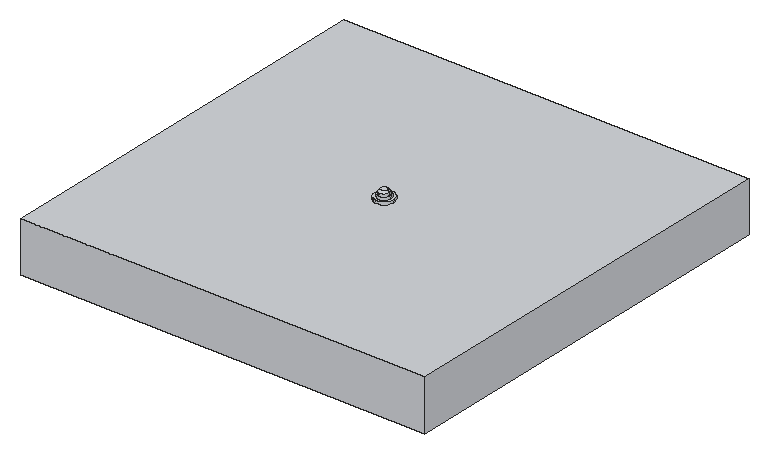
Revit family "M_Detector de calor", category Dispositivos de alarme de incêndio, Revit 2019
Family settings
  Hospedeiro = Face
  Manter orientação da anotação = Não
  Cota do conector redondo = Utilizar diâmetro
  Tipo de parte = Normal
  Número OmniClass = 23.85.30.21.11.11
  Título OmniClass = Fire/Smoke Detectors
  ID de item do Seek = Heat Detector-0000-CAN-ENU
  Corte com vazios quando carregada = Não
  Compartilhado = Não
  Ponto de cálculo do ambiente = Não
Parameters (values of type "Padrão")
  Raio 2 = 19 mm
  Raio 3 = 29 mm
  Raio 1 = 38 mm
  Raio = Diâmetro * 0.5  # 58 mm
  Legenda = ""
  Diâmetro = 116 mm
  Material do detector = none
  Comprimento 3 = 13 mm
  Comprimento 2 = 13 mm
  Comprimento 1 = 13 mm
  Comprimento = 51 mm
  Elevação-padrão = 1200 mm
  Visibilidade da anotação 2 = no
  Visibilidade da anotação 1 = yes
Types (7, lengths in mm): name | Legenda | Visibilidade da anotação 2 | Visibilidade da anotação 1
  (no name) | "" | no | yes
  Padrão | "" | no | yes
  Taxa combinada de aumento e fixada | "R/F" | yes | no
  Taxa de compensação | "R/C" | yes | no
  Somente taxa de aumento | "R" | yes | no
  Detector termal | "" | yes | no
  Temperatura fixada | "F" | yes | no
Reference planes
  plane 1 "Centro (Frente/Trás)": y = 0
  plane 2: z = 0
  plane 3 "Centro (Esquerda/Direita)": x = 0
  plane 4: z = 13
  plane 5: z = 51
  plane 6: z = 39
  plane 7: z = 26
Forms (mm)
  Extrusion 1, solid
    sketch origin (0, 0, 0) x (1, 0, 0) y (0, 1, 0)
      loop
        line (-1219.2, 1219.2) -> (-1219.2, -1219.2) -> (1219.2, -1219.2) -> (1219.2, 1219.2) -> (-1219.2, 1219.2)
    from 0 to -304.8
  Extrusion 2, solid, material <- "Material do detector"
    sketch origin (0, 0, 0) x (1, 0, 0) y (0, 1, 0)
      loop
        circle (0, 0) r 58
    from 0 to 13
  Extrusion 3, solid, material <- "Material do detector"
    sketch origin (0, 0, 0) x (1, 0, 0) y (0, 1, 0)
      loop
        circle (0, 0) r 38
    from 13 to 26
  Blend 4, solid, material <- "Material do detector"
    base sketch origin (0, 0, 0) x (1, 0, 0) y (0, 1, 0)
      loop
        circle (0, 0) r 29
    top sketch origin (0, 0, 0) x (1, 0, 0) y (0, 1, 0)
      loop
        circle (0, 0) r 19
    from 39 to 51
  Extrusion 5, solid, material <- "Material do detector"
    sketch origin (0, 0, 0) x (1, 0, 0) y (0, 1, 0)
      loop
        circle (0, 0) r 29
    from 26 to 39
Cuts and joins
  joined: Extrusion 2, Extrusion 3, Blend 4, Extrusion 5
Lines and regions (mm)
  symbolic lines, detail levels fine
    curve 1: arc (-58, 0, 0) -> (0, -58, 0) -> (58, 0, 0) r 58
    curve 2: arc (58, 0, 0) -> (0, 58, 0) -> (-58, 0, 0) r 58
    curve 3: arc (38, 0, 0) -> (0, 38, 0) -> (-38, 0, 0) r 38
    curve 4: arc (-38, 0, 0) -> (0, -38, 0) -> (38, 0, 0) r 38
    curve 5: arc (-29, 0, 0) -> (0, -29, 0) -> (29, 0, 0) r 29
    curve 6: arc (29, 0, 0) -> (0, 29, 0) -> (-29, 0, 0) r 29
    curve 7: arc (19, 0, 0) -> (0, 19, 0) -> (-19, 0, 0) r 19
    curve 8: arc (-19, 0, 0) -> (0, -19, 0) -> (19, 0, 0) r 19
Dimensions and locks
  "Comprimento 1": plane 4 to level
  "Comprimento": plane 5 to level
  "Comprimento 2": plane 7 to plane 4
  "Comprimento 3": plane 6 to plane 7
  "Raio": radius of Extrusion 2 sketch curve
  "Raio 1": radius of Extrusion 3 sketch curve
  "Raio 3": radius of Blend 4 sketch curve
  "Raio 2": radius of Blend 4 sketch curve
  "Raio 3": radius of Extrusion 5 sketch curve
  aligned and locked: plane 2 to Extrusion 1
  aligned and locked: level to Extrusion 1
  aligned and locked: Extrusion 2 to plane 2
  aligned and locked: plane 4 to Extrusion 2
  aligned and locked: Extrusion 3 to plane 4
  aligned and locked: plane 1 "Centro (Frente/Trás)" to Blend 4 sketch curve  (x2)
  aligned and locked: plane 3 "Centro (Esquerda/Direita)" to Blend 4 sketch curve  (x2)
  aligned and locked: plane 5 to Blend 4
  aligned and locked: Blend 4 to plane 6
  aligned and locked: Blend 4 to plane 5
  aligned and locked: plane 1 "Centro (Frente/Trás)" to Extrusion 2 sketch curve
  aligned and locked: plane 3 "Centro (Esquerda/Direita)" to Extrusion 2 sketch curve
  aligned and locked: plane 1 "Centro (Frente/Trás)" to Extrusion 3 sketch curve
  aligned and locked: plane 3 "Centro (Esquerda/Direita)" to Extrusion 3 sketch curve
  aligned and locked: plane 1 "Centro (Frente/Trás)" to Extrusion 5 sketch curve
  aligned and locked: plane 3 "Centro (Esquerda/Direita)" to Extrusion 5 sketch curve
  aligned and locked: plane 6 to Extrusion 5
  aligned and locked: plane 7 to cut or joined group of Extrusion 2, Extrusion 3, Blend 4, Extrusion 5  (x2)
  aligned and locked: cut or joined group of Extrusion 2, Extrusion 3, Blend 4, Extrusion 5 to plane 7
  aligned and locked: curve 1 to cut or joined group of Extrusion 2, Extrusion 3, Blend 4, Extrusion 5
  aligned and locked: curve 2 to cut or joined group of Extrusion 2, Extrusion 3, Blend 4, Extrusion 5
  aligned and locked: curve 3 to cut or joined group of Extrusion 2, Extrusion 3, Blend 4, Extrusion 5
  aligned and locked: curve 4 to cut or joined group of Extrusion 2, Extrusion 3, Blend 4, Extrusion 5
  aligned and locked: curve 5 to cut or joined group of Extrusion 2, Extrusion 3, Blend 4, Extrusion 5
  aligned and locked: curve 6 to cut or joined group of Extrusion 2, Extrusion 3, Blend 4, Extrusion 5
  aligned and locked: curve 7 to cut or joined group of Extrusion 2, Extrusion 3, Blend 4, Extrusion 5
  aligned and locked: curve 8 to cut or joined group of Extrusion 2, Extrusion 3, Blend 4, Extrusion 5
  aligned and locked: plane 1 "Centro (Frente/Trás)" to nested 2
  aligned and locked: nested 2 to plane 3 "Centro (Esquerda/Direita)"
  aligned and locked: plane 1 "Centro (Frente/Trás)" to nested 1
  aligned and locked: plane 3 "Centro (Esquerda/Direita)" to nested 1
Automatic sketch dimensions
  Extrusion 1 sketch curve to Extrusion 1 sketch curve = 2438.4 mm  (x2)
Nested families
  nested 1: "M_Anotação de detector de calor" at (0, 0, 0), visible <- "Visibilidade da anotação 1", type "Anotação do detector de calor", detail levels coarse+medium
  nested 2: "M_Anotação de detector de calor 2" at (0, 0, 0), visible <- "Visibilidade da anotação 2", type "Anotação do detector de calor 2", detail levels coarse+medium
Connectors
  electrical at (0, 0, 0)
    settings: on Extrusion 2, index 1, voltage 0 V, apparent load 0 VA, apparent load phase1 0 VA, apparent load phase2 0 VA, apparent load phase3 0 VA, power factor 1, load classification "Outros", number of poles 1, system type 11, power factor state 1, is connector primary yes, connector utility no, sub classification motor no, connector description ""
Definition of nested family "M_Anotação de detector de calor"
  Parameters
    Anotação de legenda = "H"
  Reference planes
    plane 1: y = 0
    plane 2: x = 0
  Lines and regions (mm)
    reference lines
      curve 1: line (-15.09, 1.588, 0) -> (26.249, 1.587, 0)
    detail lines
      curve 2: line (0, 1.588, 0) -> (-1.375, 0.794, 0)
      curve 3: line (-1.375, 0.794, 0) -> (-1.375, -0.794, 0)
      curve 4: line (-1.375, -0.794, 0) -> (0, -1.588, 0)
      curve 5: line (0, -1.588, 0) -> (1.375, -0.794, 0)
      curve 6: line (1.375, -0.794, 0) -> (1.375, 0.794, 0)
      curve 7: line (1.375, 0.794, 0) -> (0, 1.588, 0)
  Text (mm)
    label "H" at (-0.939, -0.073, 0), shows "Anotação de legenda"
  Dimensions and locks
    locked: plane 1 to curve 1 at 1.588
Definition of nested family "M_Anotação de detector de calor 2"
  Parameters
    Anotação de legenda = ""
  Reference planes
    plane 1: y = 0
    plane 2: x = 0
  Lines and regions (mm)
    Filled region 1, type "Região preenchida 1"
      outline origin (0, 0, 0) x (1, 0, 0) y (0, 1, 0)
        loop
          circle (0, -0.635) r 0.795
    reference lines
      curve 1: line (-15.09, 1.588, 0) -> (26.249, 1.587, 0)
      curve 3: line (-6.212, 1.27, 0) -> (8.343, 1.27, 0)
      curve 4: line (-6.967, -0.635, 0) -> (10.262, -0.635, 0)
    detail lines
      curve 2: circle (0, 0, 0) r 1.588 normal (0, 0, 1)
      curve 5: line (0, 1.27, 0) -> (0, 0, 0)
      curve 6: circle (0, -0.635, 0) r 0.795 normal (0, 0, 1)
  Text (mm)
    label "R/F" at (4.225, -1.777, 0), shows "Anotação de legenda"
  Dimensions and locks
    locked: plane 1 to curve 1 at 1.588
    locked: plane 1 to curve 3 at 1.27
    locked: curve 4 to plane 1 at 0.635
    aligned and locked: curve 3 to curve 5
    aligned and locked: plane 1 to curve 5
    aligned and locked: curve 5 to plane 2
    aligned and locked: Filled region 1 sketch curve to curve 6
